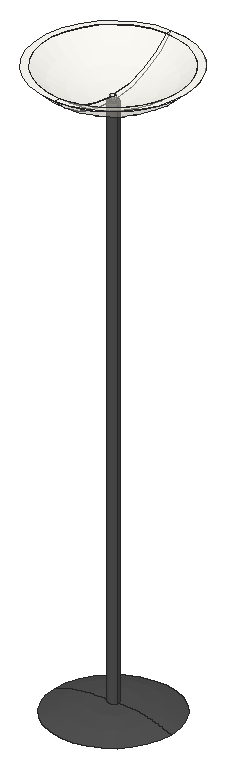
Revit family "M_Abajur de pé - Tocha", category Luminárias, Revit 2019
Family settings
  Cota do conector redondo = Utilizar diâmetro
  Tipo de parte = Normal
  Número OmniClass = 23.80.70.11.11
  Título OmniClass = General Luminaries, Non Directional
  ID de item do Seek = Floor Lamp - Torchiere-0000-CAN-ENU
  Com base no plano de trabalho = Não
  Sempre na vertical = Sim
  Corte com vazios quando carregada = Não
  Fonte luminosa = Sim
  Compartilhado = Não
  Ponto de cálculo do ambiente = Não
Parameters (values of type "120V")
  Comentários de voltagem = "100"
  Wattage = 100 W
  built-in parameter 1150110 = 1 (stored number, unit not read)
  built-in parameter 1114217 = 1 (stored number, unit not read)
  built-in parameter 1150109 = 1 (stored number, unit not read)
  built-in parameter 1150134 = 3
  built-in parameter 1150113 = 1 (stored number, unit not read)
  Tilt Angle = 90.00°
  Arquivo de rede fotométrica = "FLAE1T4_A.IES"
  Lumens = 1800 lm
  built-in parameter 1150115 = 1 (stored number, unit not read)
  built-in parameter 1150105 = 143.24 (stored number, unit not read)
  Classificação de carga = Iluminação - Unidade de interrupção
  built-in parameter 1150137 = 1
  built-in parameter 1150139 = (empty or 0)
  built-in parameter 1150112 = 1 (stored number, unit not read)
  built-in parameter 1150114 = 1 (stored number, unit not read)
  Lâmpada = "T-4"
  built-in parameter 1150132 = (empty or 0)
  built-in parameter 1150102 = (empty or 0)
  built-in parameter 1150138 = (empty or 0)
  built-in parameter 1150107 = 3200 (stored number, unit not read)
  built-in parameter 1150106 = 1.4324 (stored number, unit not read)
  Altura = 1500 mm
  built-in parameter 1150104 = 1.6723 (stored number, unit not read)
  Troca de temperatura da cor de lâmpada com esmaecimento = <Nenhum>
  Filtro de cor = 16777215
  Voltagem do transformador = 120 V
  Transformador por número de postes = 1
  built-in parameter 1114218 = 1 (stored number, unit not read)
  built-in parameter 1150133 = 10 (stored number, unit not read)
  Código de montagem = "D5020230"
  Sombra = Vidro, Jateado
  Suporte = Aço, Cromo polido
  Carga aparente = 100 VA
Types (3, lengths in mm): name | Voltagem do transformador
  (no name) | 120 V
  120V | 120 V
  277V | 277 V
Reference planes
  plane 1 "Eixo de origem da luz": y = 0
  plane 2: z = 0
  plane 3 "Eixo de origem da luz": x = 0
  plane 4: z = 1419.376
  plane 5: z = 1500
  plane 6: z = 1432.076
  plane 7 "nível de origem de luz": z = 1470.176
Forms (mm)
  Revolve 1, solid, material "Aço, Cromo polido" <- "Suporte"
    sketch origin (0, 0, 0) x (0, 1, 0) y (0, 0, 1)
      loop
        line (6.35, 0) -> (152.4, 0)
        arc (152.4, 0) -> (83.837, 19.464) -> (12.7, 23.856) r 332.204
        line (12.7, 23.856) -> (12.7, 1419.376) -> (6.35, 1419.376) -> (6.35, 0)
      axis (0, 0) -> (0, 1419.376)
    angle from -90 to 270
  Revolve 2, solid, material "Vidro, Jateado" <- "Sombra"
    sketch origin (0, 0, 0) x (0, 1, 0) y (0, 0, 1)
      loop
        arc (12.7, 1419.376) -> (109.391, 1441.662) -> (189.657, 1500) r 248.525
        line (189.657, 1500) -> (171.915, 1500)
        arc (171.915, 1500) -> (95.828, 1449.717) -> (6.35, 1432.076) r 235.744
        line (6.35, 1432.076) -> (6.35, 1419.376) -> (12.7, 1419.376)
      axis (0, 1500) -> (0, 1419.376)
    angle from 0 to 360
Lines and regions (mm)
  Masking region 1
    outline origin (0, 0, 0) x (1, 0, 0) y (0, 1, 0)
      loop
        circle (0, 0) r 189.657
  symbolic lines
    curve 1: arc (152.4, 0, 0) -> (0, 152.4, 0) -> (-152.4, 0, 0) r 152.4
    curve 2: arc (-152.4, 0, 0) -> (0, -152.4, 0) -> (152.4, 0, 0) r 152.4
    curve 3: arc (25.4, 0, 0) -> (0, 25.4, 0) -> (-25.4, 0, 0) r 25.4
    curve 4: arc (-25.4, 0, 0) -> (0, -25.4, 0) -> (25.4, 0, 0) r 25.4
    curve 5: arc (0, 171.915, 0) -> (-171.915, 0, 0) -> (0, -171.915, 0) r 171.915
    curve 6: arc (0, -171.915, 0) -> (171.915, 0, 0) -> (0, 171.915, 0) r 171.915
Dimensions and locks
  "Altura": plane 5 to level
  locked: plane 4 to plane 5 at 80.624
  locked: plane 6 to plane 5 at 67.924
  locked: plane 7 "nível de origem de luz" to plane 5 at 29.824
  aligned and locked: level to Revolve 1 sketch curve  (x2)
  aligned and locked: Revolve 1 sketch curve to plane 1 "Eixo de origem da luz"  (x2)
  aligned and locked: Revolve 1 sketch curve to level
  aligned and locked: Masking region 1 sketch curve to Revolve 2
  aligned and locked: curve 5 to Revolve 2
  aligned and locked: plane 3 "Eixo de origem da luz" to imposter light
  aligned and locked: plane 1 "Eixo de origem da luz" to imposter light
  aligned and locked: plane 7 "nível de origem de luz" to imposter light
Automatic sketch dimensions
  curve 1 to plane 3 "Eixo de origem da luz" = 152.4 mm
  curve 3 to plane 1 "Eixo de origem da luz" = 0 mm
  curve 3 to plane 3 "Eixo de origem da luz" = 0 mm
  curve 3 to plane 3 "Eixo de origem da luz" = 25.4 mm
  Revolve 1 sketch curve to plane 4 = 0 mm
  Revolve 1 sketch curve to plane 1 "Eixo de origem da luz" = 6.35 mm
  Revolve 1 sketch curve to Revolve 1 sketch curve = 6.35 mm
  Revolve 1 sketch curve to plane 1 "Eixo de origem da luz" = 27.917 mm
  Revolve 1 sketch curve to Revolve 1 sketch curve = 139.7 mm
  Revolve 1 sketch curve to level = 308 mm
  Revolve 1 sketch curve to plane 5 = 279.4 mm
  Revolve 2 sketch curve to plane 1 "Eixo de origem da luz" = 0 mm
  Revolve 2 sketch curve to plane 4 = 0 mm
  Revolve 2 sketch curve to plane 6 = 0 mm
  Revolve 2 sketch curve to plane 5 = 0 mm
  Revolve 2 sketch curve to plane 1 "Eixo de origem da luz" = 6.35 mm
  Revolve 2 sketch curve to Revolve 2 sketch curve = 0 mm
  Revolve 2 sketch curve to Revolve 2 sketch curve = 6.35 mm
  Revolve 2 sketch curve to plane 1 "Eixo de origem da luz" = 171.915 mm
  Revolve 2 sketch curve to Revolve 2 sketch curve = 17.741 mm
  plane 4 to Revolve 2 sketch curve = 46.376 mm
  Revolve 2 sketch curve to Revolve 2 sketch curve = 15.419 mm
  curve 1 to curve 5 = 0 mm
  curve 1 to curve 6 = 0 mm
Connectors
  electrical at (0, 0, 1419.376), driven by "Carga aparente", driven by "Voltagem do transformador", driven by "Transformador por número de postes", driven by "Classificação de carga"
    settings: on Revolve 1, index 1, voltage 120 V, apparent load 0 VA, apparent load phase1 100 VA, apparent load phase2 0 VA, apparent load phase3 0 VA, power factor 0.95, load classification "Iluminação - Unidade de interrupção", number of poles 1, system type 31, power factor state 1, is connector primary yes, connector utility no, sub classification motor no, connector description ""
